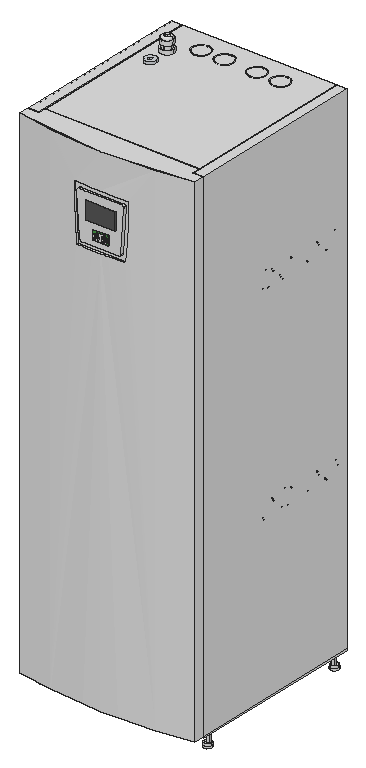
Revit family "HVAC_HeatPumpBW_Enertech_CTC-EcoPart-400_Pro", category Specialty Equipment, Revit 2020
Family settings
  Round Connector Dimension = Use Diameter
  Part Type = Normal
  OmniClass Number = 23.75.00.00
  OmniClass Title = Climate Control (HVAC)
  Work Plane-Based = No
  Always vertical = Yes
  Cut with Voids When Loaded = No
  Shared = No
  Room Calculation Point = No
Parameters (values of type "CTC EcoPart i425 Pro - 230V1N")
  Weight = "339 kg"
  WaterVolumeWaterSuply = "n/a"
  WaterVolumeHeathingSystem = "n/a"
  WarrantyStartDate [instance] = "n/a"
  WarrantyGuarantorParts = "n/a"
  WarrantyGuarantorLabor = "n/a"
  WarrantyDurationUnit = "Year"
  WarrantyDurationParts = "n/a"
  WarrantyDurationLabor = "n/a"
  WarrantyDescription = "n/a"
  VersionDate = "14/05/2024"  # constant formula
  Version = "1"  # constant formula
  UsageCurrent = 0 A
  Uniclass2015Reference = "Pr_40_70_65"
  Uniclass2015Description = "Preparation catering equipment"
  Uniclass2 = "Pr_40_70_65"
  URL = "https://ctc-heating.com/products/ground-source-heating"
  UNSPSCCode = "40101806"
  Type Comments = ""
  Touchscreen = "yes"
  TagNumber [instance] = "n/a"
  SustainabilityPerformance = "n/a"
  Status = "n/a"
  SpecifiedOutput = "24.44 kW"
  SoundPowerLWA = "50 dB"
  Sound pressureLPA 5m = "n/a"
  Sound pressureLPA 1m = "45 dB"
  Sound pressureLPA 10m = "n/a"
  Size = "673x596x1760 mm"
  Shape = "Rectangular"
  SerialNumber [instance] = "7310 xxxx xxxx"
  SEERWarm = "n/a"
  SEERModerate = "n/a"
  SEERCold = "n/a"
  SCOPWarm = "4.7"
  SCOPModerate = "4.8"
  SCOPCold = "4.8"
  Revision = "5"  # constant formula
  ReplacementCost = "n/a"
  RefrigerantType = "R407C"
  RefrigerantQuantity = "4.6 kg (2.7+1.9)"
  ReferenceAirFlowRate = "n/a"
  Reference = "n/a"
  RatedVoltage = 230 V
  RatedHeatOutputModerate = "26 kW"
  RatedCurrent = 33.5 A
  PumpMainMaterial = Steel - White
  ProductInformation = "CTC EcoPart Pro/Basic is a series of large geothermal heat pumps without hotwater preparation. Using separate cooling modules, CTC EcoPart Pro/Basic is able to increase output in three stages. This provides gentler operation and better adaptation to the building's various output requirements. \nCTC EcoPart Pro/Basic is available in three sizes: 25, 30 and 35 kW which can be connected in series to produce up to 170 kW (1 x CTC EcoPart Pro + 4 x CTC EcoPart Basic). "
  PowerFactor = 0 W
  PhaseReference = "n/a"
  PhaseAngle = 0.00°
  OutputRangeIimmersionHeater = "n/a"
  OutputRange = "n/a"
  NumberOfPoles = 1
  NominalWidth = 596 mm
  NominalVoltage = 230 V
  NominalHeight = 1760 mm
  NominalHeatingOutput = "26/24"
  NominalFrequencyRange = 50 Hz
  NominalDepth = 673 mm
  NominalCurrent = 0 A
  Name = "CTC-EcoPart-400_Pro"  # constant formula
  NBSReference = "90-40-40/320"
  NBSDescription = "Air to water heat pumps"
  ModelReference = "n/a"
  ModelNumber = "587001001"
  MaxStartingCurrent = "60.0 A (30.0 + 30.0)"
  MaxOperatingPressureThermalStore = "3 bar"
  MaxOperatingPressureHotWater = "n/a"
  MaxAirFlowRate = "n/a"
  Material = "Steel/copper"
  ManufacturerURL = "https://ctc.se/"
  ManufacturerName = "CTC"
  Model = "CTC EcoPart i425 Pro"
  ManufacturerCountry = "Sweden"
  Manufacturer = "CTC"
  InsulationStandardClass = "n/a"
  InstallationDate [instance] = "n/a"
  InPutPower = "5.36 kW"
  IfcExportType = "HEATER"  # constant formula
  IfcExportAs = "IfcElectricalDeviceCommon"  # constant formula
  IP_Code = "IP X1"
  HotTapWaterPerformance = "n/a"
  HasProtectiveEarth = yes
  GroupFuse = "35 A"
  Grade = "n/a"
  Finish = "n/a"
  Features = "n/a"
  ExpectedLife = "n/a"
  EnergyEfficiencyClassForHeatingSystem = "A++/A++"
  EnergyEfficiencyClass = "A+++/A++"
  EnergyClass_HotWater_TapProfile = "n/a"
  EnergyClassHeatingWithoutControl = "A++"
  EnergyClassHeatingWithControl = "A+++"
  EANNumber = "7333077000639"
  DurationUnit = "Year"
  Description = "CTC EcoPart Pro/Basic is a series of large geothermal heat pumps without hotwater preparation. Using separate cooling modules, CTC EcoPart Pro/Basic is able to increase output in three stages. This provides gentler operation and better adaptation to the building's various output requirements. \nCTC EcoPart Pro/Basic is available in three sizes: 25, 30 and 35 kW which can be connected in series to produce up to 170 kW (1 x CTC EcoPart Pro + 4 x CTC EcoPart Basic). "
  Default Elevation = 0 mm
  Cost = 0
  CoolingModule_Bottom_Top = "414/410"
  Constituents = "n/a"
  ConductorFunction = "n/a"
  Color = "white"
  CodePerformance = "n/a"
  Capacity = "Fixed"
  COPTop = "4.60/3.68/2.98"
  COPBottom = "4.54/3.64/2.95"
  COP = "4.56"
  CO2Equivalent = "8.160 tonnes"
  BrineSystem_Min_MaxPressure = "0.2 - 3.0 bar"
  Barcode [instance] = "n/a"
  AssetIdentifier [instance] = "n/a"
  Category = "Heat pumps, Geothermal"
  Brand = "CTC"
  BIMObjectName = "HVAC_HeatPumpBW_Enertech_CTC-EcoPart-400_Pro"  # constant formula
  Author = "BIMStone"  # constant formula
  AssetType = "Fixed"
  AirFlow = "n/a"
  Accessories = ""
  AccessibilityPerformance = "n/a"
Reference planes
  plane 1 "Center (Front/Back)": y = 0
  plane 2: z = 0
  plane 3 "Center (Left/Right)": x = 0
  plane 4: x = -298
  plane 5: x = 298
  plane 6: y = 336.5
  plane 7: y = -336.5
  plane 8: z = 1760
Forms (mm)
  Extrusion 1, solid, material "Steel - White" <- "PumpMainMaterial", detail levels medium+fine
    sketch origin (0, 0, 0) x (1, 0, 0) y (0, 1, 0)
      loop
        line (-263, -247.014) -> (263, -247.014) -> (263, 336.5) -> (-263, 336.5) -> (-263, -247.014)
      loop
        line (261, 334.5) -> (-261, 334.5) -> (-261, -245.014) -> (261, -245.014) -> (261, 334.5)
    from 1757 to 52.5
  Extrusion 2, solid, material "Steel - White" <- "PumpMainMaterial", detail levels medium+fine
    sketch origin (0, 0, 0) x (1, 0, 0) y (0, 1, 0)
      loop
        line (-263, 336.5) -> (-263, -247.014) -> (263, -247.014) -> (263, 336.5) -> (-263, 336.5)
    from 1760 to 1757
  Extrusion 3, solid, material "Steel - White" <- "PumpMainMaterial", detail levels medium+fine
    sketch origin (0, 0, 0) x (1, 0, 0) y (0, 1, 0)
      loop
        line (-298, -273.014) -> (-263, -273.014) -> (-263, 336.5) -> (-298, 336.5) -> (-298, -273.014)
      loop
        line (-265, 334.5) -> (-296, 334.5) -> (-296, -271.014) -> (-265, -271.014) -> (-265, 334.5)
      loop
        line (298, -273.014) -> (298, 336.5) -> (263, 336.5) -> (263, -273.014) -> (298, -273.014)
      loop
        line (265, 334.5) -> (265, -271.014) -> (296, -271.014) -> (296, 334.5) -> (265, 334.5)
    from 52.5 to 1757
  Extrusion 4, solid, material "Steel - White" <- "PumpMainMaterial", detail levels medium+fine
    sketch origin (0, 0, 0) x (1, 0, 0) y (0, 1, 0)
      loop
        line (-298, -273.014) -> (-263, -273.014) -> (-263, 336.5) -> (-298, 336.5) -> (-298, -273.014)
      loop
        line (298, -273.014) -> (298, 336.5) -> (263, 336.5) -> (263, -273.014) -> (298, -273.014)
    from 1757 to 1760
  Extrusion 5, solid, material "Steel - White" <- "PumpMainMaterial", detail levels medium+fine
    sketch origin (0, 0, 0) x (1, 0, 0) y (0, 0, 1)
      loop
        line (-298, 52.518) -> (-298, 47.518) -> (-263, 47.518) -> (-263, 28) -> (263, 28) -> (263, 47.518) -> (298, 47.518) -> (298, 52.518) -> (-298, 52.518)
    from -336 to 272.514
  Extrusion 6, void
    sketch origin (0, 0, 0) x (1, 0, 0) y (0, 1, 0)
      loop
        arc (-135.992, 288.017) -> (-156.547, 279.105) -> (-165.459, 258.55) r 30.484
        line (-165.459, 258.55) -> (-163.458, 258.55)
        arc (-163.458, 258.55) -> (-155.133, 277.691) -> (-135.992, 286.016) r 28.484
        line (-135.992, 286.016) -> (-135.992, 288.017)
      loop
        line (-133.992, 288.017) -> (-133.992, 286.016)
        arc (-133.992, 286.016) -> (-114.851, 277.691) -> (-106.526, 258.55) r 28.484
        line (-106.526, 258.55) -> (-104.525, 258.55)
        arc (-104.525, 258.55) -> (-113.437, 279.105) -> (-133.992, 288.017) r 30.484
      loop
        arc (-165.459, 256.55) -> (-156.547, 235.995) -> (-135.992, 227.083) r 30.484
        line (-135.992, 227.083) -> (-135.992, 229.084)
        arc (-135.992, 229.084) -> (-155.133, 237.409) -> (-163.458, 256.55) r 28.484
        line (-163.458, 256.55) -> (-165.459, 256.55)
      loop
        line (-133.992, 229.084) -> (-133.992, 227.083)
        arc (-133.992, 227.083) -> (-113.437, 235.995) -> (-104.525, 256.55) r 30.484
        line (-104.525, 256.55) -> (-106.526, 256.55)
        arc (-106.526, 256.55) -> (-114.851, 237.409) -> (-133.992, 229.084) r 28.484
      loop
        arc (-55.992, 288.017) -> (-76.547, 279.105) -> (-85.459, 258.55) r 30.484
        line (-85.459, 258.55) -> (-83.458, 258.55)
        arc (-83.458, 258.55) -> (-75.133, 277.691) -> (-55.992, 286.016) r 28.484
        line (-55.992, 286.016) -> (-55.992, 288.017)
      loop
        line (-53.992, 288.017) -> (-53.992, 286.016)
        arc (-53.992, 286.016) -> (-34.851, 277.691) -> (-26.526, 258.55) r 28.484
        line (-26.526, 258.55) -> (-24.525, 258.55)
        arc (-24.525, 258.55) -> (-33.437, 279.105) -> (-53.992, 288.017) r 30.484
      loop
        arc (-85.459, 256.55) -> (-76.547, 235.995) -> (-55.992, 227.083) r 30.484
        line (-55.992, 227.083) -> (-55.992, 229.084)
        arc (-55.992, 229.084) -> (-75.133, 237.409) -> (-83.458, 256.55) r 28.484
        line (-83.458, 256.55) -> (-85.459, 256.55)
      loop
        line (-53.992, 229.084) -> (-53.992, 227.083)
        arc (-53.992, 227.083) -> (-33.437, 235.995) -> (-24.525, 256.55) r 30.484
        line (-24.525, 256.55) -> (-26.526, 256.55)
        arc (-26.526, 256.55) -> (-34.851, 237.409) -> (-53.992, 229.084) r 28.484
      loop
        line (135.992, 288.017) -> (135.992, 286.016)
        arc (135.992, 286.016) -> (155.133, 277.691) -> (163.458, 258.55) r 28.484
        line (163.458, 258.55) -> (165.459, 258.55)
        arc (165.459, 258.55) -> (156.547, 279.105) -> (135.992, 288.017) r 30.484
      loop
        arc (133.992, 288.017) -> (113.437, 279.105) -> (104.525, 258.55) r 30.484
        line (104.525, 258.55) -> (106.526, 258.55)
        arc (106.526, 258.55) -> (114.851, 277.691) -> (133.992, 286.016) r 28.484
        line (133.992, 286.016) -> (133.992, 288.017)
      loop
        line (165.459, 256.55) -> (163.458, 256.55)
        arc (163.458, 256.55) -> (155.133, 237.409) -> (135.992, 229.084) r 28.484
        line (135.992, 229.084) -> (135.992, 227.083)
        arc (135.992, 227.083) -> (156.547, 235.995) -> (165.459, 256.55) r 30.484
      loop
        arc (133.992, 229.084) -> (114.851, 237.409) -> (106.526, 256.55) r 28.484
        line (106.526, 256.55) -> (104.525, 256.55)
        arc (104.525, 256.55) -> (113.437, 235.995) -> (133.992, 227.083) r 30.484
        line (133.992, 227.083) -> (133.992, 229.084)
      loop
        line (55.992, 288.017) -> (55.992, 286.016)
        arc (55.992, 286.016) -> (75.133, 277.691) -> (83.458, 258.55) r 28.484
        line (83.458, 258.55) -> (85.459, 258.55)
        arc (85.459, 258.55) -> (76.547, 279.105) -> (55.992, 288.017) r 30.484
      loop
        arc (53.992, 288.017) -> (33.437, 279.105) -> (24.525, 258.55) r 30.484
        line (24.525, 258.55) -> (26.526, 258.55)
        arc (26.526, 258.55) -> (34.851, 277.691) -> (53.992, 286.016) r 28.484
        line (53.992, 286.016) -> (53.992, 288.017)
      loop
        line (85.459, 256.55) -> (83.458, 256.55)
        arc (83.458, 256.55) -> (75.133, 237.409) -> (55.992, 229.084) r 28.484
        line (55.992, 229.084) -> (55.992, 227.083)
        arc (55.992, 227.083) -> (76.547, 235.995) -> (85.459, 256.55) r 30.484
      loop
        arc (53.992, 229.084) -> (34.851, 237.409) -> (26.526, 256.55) r 28.484
        line (26.526, 256.55) -> (24.525, 256.55)
        arc (24.525, 256.55) -> (33.437, 235.995) -> (53.992, 227.083) r 30.484
        line (53.992, 227.083) -> (53.992, 229.084)
    from 1692.47 to 1786.05
  Extrusion 7, void
    sketch origin (0, 0, 0) x (0, 1, 0) y (0, 0, 1)
      loop
        line (266.984, 1360.467) -> (266.984, 1358.466)
        arc (266.984, 1358.466) -> (286.125, 1350.141) -> (294.45, 1331) r 28.484
        line (294.45, 1331) -> (296.451, 1331)
        arc (296.451, 1331) -> (287.539, 1351.555) -> (266.984, 1360.467) r 30.484
      loop
        arc (264.984, 1360.467) -> (244.428, 1351.555) -> (235.516, 1331) r 30.484
        line (235.516, 1331) -> (237.518, 1331)
        arc (237.518, 1331) -> (245.843, 1350.141) -> (264.984, 1358.466) r 28.484
        line (264.984, 1358.466) -> (264.984, 1360.467)
      loop
        line (296.451, 1329) -> (294.45, 1329)
        arc (294.45, 1329) -> (286.125, 1309.859) -> (266.984, 1301.534) r 28.484
        line (266.984, 1301.534) -> (266.984, 1299.533)
        arc (266.984, 1299.533) -> (287.539, 1308.445) -> (296.451, 1329) r 30.484
      loop
        arc (264.984, 1301.534) -> (245.843, 1309.859) -> (237.518, 1329) r 28.484
        line (237.518, 1329) -> (235.516, 1329)
        arc (235.516, 1329) -> (244.428, 1308.445) -> (264.984, 1299.533) r 30.484
        line (264.984, 1299.533) -> (264.984, 1301.534)
      loop
        line (186.984, 1360.467) -> (186.984, 1358.466)
        arc (186.984, 1358.466) -> (206.125, 1350.141) -> (214.45, 1331) r 28.484
        line (214.45, 1331) -> (216.451, 1331)
        arc (216.451, 1331) -> (207.539, 1351.555) -> (186.984, 1360.467) r 30.484
      loop
        arc (184.984, 1360.467) -> (164.428, 1351.555) -> (155.516, 1331) r 30.484
        line (155.516, 1331) -> (157.518, 1331)
        arc (157.518, 1331) -> (165.843, 1350.141) -> (184.984, 1358.466) r 28.484
        line (184.984, 1358.466) -> (184.984, 1360.467)
      loop
        line (216.451, 1329) -> (214.45, 1329)
        arc (214.45, 1329) -> (206.125, 1309.859) -> (186.984, 1301.534) r 28.484
        line (186.984, 1301.534) -> (186.984, 1299.533)
        arc (186.984, 1299.533) -> (207.539, 1308.445) -> (216.451, 1329) r 30.484
      loop
        arc (184.984, 1301.534) -> (165.843, 1309.859) -> (157.518, 1329) r 28.484
        line (157.518, 1329) -> (155.516, 1329)
        arc (155.516, 1329) -> (164.428, 1308.445) -> (184.984, 1299.533) r 30.484
        line (184.984, 1299.533) -> (184.984, 1301.534)
      loop
        arc (-5, 1360.467) -> (-25.555, 1351.555) -> (-34.467, 1331) r 30.484
        line (-34.467, 1331) -> (-32.466, 1331)
        arc (-32.466, 1331) -> (-24.141, 1350.141) -> (-5, 1358.466) r 28.484
        line (-5, 1358.466) -> (-5, 1360.467)
      loop
        line (-3, 1360.467) -> (-3, 1358.466)
        arc (-3, 1358.466) -> (16.141, 1350.141) -> (24.466, 1331) r 28.484
        line (24.466, 1331) -> (26.467, 1331)
        arc (26.467, 1331) -> (17.555, 1351.555) -> (-3, 1360.467) r 30.484
      loop
        arc (-34.467, 1329) -> (-25.555, 1308.445) -> (-5, 1299.533) r 30.484
        line (-5, 1299.533) -> (-5, 1301.534)
        arc (-5, 1301.534) -> (-24.141, 1309.859) -> (-32.466, 1329) r 28.484
        line (-32.466, 1329) -> (-34.467, 1329)
      loop
        line (-3, 1301.534) -> (-3, 1299.533)
        arc (-3, 1299.533) -> (17.555, 1308.445) -> (26.467, 1329) r 30.484
        line (26.467, 1329) -> (24.466, 1329)
        arc (24.466, 1329) -> (16.141, 1309.859) -> (-3, 1301.534) r 28.484
      loop
        arc (75, 1360.467) -> (54.445, 1351.555) -> (45.533, 1331) r 30.484
        line (45.533, 1331) -> (47.534, 1331)
        arc (47.534, 1331) -> (55.859, 1350.141) -> (75, 1358.466) r 28.484
        line (75, 1358.466) -> (75, 1360.467)
      loop
        line (77, 1360.467) -> (77, 1358.466)
        arc (77, 1358.466) -> (96.141, 1350.141) -> (104.466, 1331) r 28.484
        line (104.466, 1331) -> (106.467, 1331)
        arc (106.467, 1331) -> (97.555, 1351.555) -> (77, 1360.467) r 30.484
      loop
        arc (45.533, 1329) -> (54.445, 1308.445) -> (75, 1299.533) r 30.484
        line (75, 1299.533) -> (75, 1301.534)
        arc (75, 1301.534) -> (55.859, 1309.859) -> (47.534, 1329) r 28.484
        line (47.534, 1329) -> (45.533, 1329)
      loop
        line (77, 1301.534) -> (77, 1299.533)
        arc (77, 1299.533) -> (97.555, 1308.445) -> (106.467, 1329) r 30.484
        line (106.467, 1329) -> (104.466, 1329)
        arc (104.466, 1329) -> (96.141, 1309.859) -> (77, 1301.534) r 28.484
      loop
        line (266.984, 660.467) -> (266.984, 658.466)
        arc (266.984, 658.466) -> (286.125, 650.141) -> (294.45, 631) r 28.484
        line (294.45, 631) -> (296.451, 631)
        arc (296.451, 631) -> (287.539, 651.555) -> (266.984, 660.467) r 30.484
      loop
        arc (264.984, 660.467) -> (244.428, 651.555) -> (235.516, 631) r 30.484
        line (235.516, 631) -> (237.518, 631)
        arc (237.518, 631) -> (245.843, 650.141) -> (264.984, 658.466) r 28.484
        line (264.984, 658.466) -> (264.984, 660.467)
      loop
        line (296.451, 629) -> (294.45, 629)
        arc (294.45, 629) -> (286.125, 609.859) -> (266.984, 601.534) r 28.484
        line (266.984, 601.534) -> (266.984, 599.533)
        arc (266.984, 599.533) -> (287.539, 608.445) -> (296.451, 629) r 30.484
      loop
        arc (264.984, 601.534) -> (245.843, 609.859) -> (237.518, 629) r 28.484
        line (237.518, 629) -> (235.516, 629)
        arc (235.516, 629) -> (244.428, 608.445) -> (264.984, 599.533) r 30.484
        line (264.984, 599.533) -> (264.984, 601.534)
      loop
        line (186.984, 660.467) -> (186.984, 658.466)
        arc (186.984, 658.466) -> (206.125, 650.141) -> (214.45, 631) r 28.484
        line (214.45, 631) -> (216.451, 631)
        arc (216.451, 631) -> (207.539, 651.555) -> (186.984, 660.467) r 30.484
      loop
        arc (184.984, 660.467) -> (164.428, 651.555) -> (155.516, 631) r 30.484
        line (155.516, 631) -> (157.518, 631)
        arc (157.518, 631) -> (165.843, 650.141) -> (184.984, 658.466) r 28.484
        line (184.984, 658.466) -> (184.984, 660.467)
      loop
        line (216.451, 629) -> (214.45, 629)
        arc (214.45, 629) -> (206.125, 609.859) -> (186.984, 601.534) r 28.484
        line (186.984, 601.534) -> (186.984, 599.533)
        arc (186.984, 599.533) -> (207.539, 608.445) -> (216.451, 629) r 30.484
      loop
        arc (184.984, 601.534) -> (165.843, 609.859) -> (157.518, 629) r 28.484
        line (157.518, 629) -> (155.516, 629)
        arc (155.516, 629) -> (164.428, 608.445) -> (184.984, 599.533) r 30.484
        line (184.984, 599.533) -> (184.984, 601.534)
      loop
        arc (-5, 660.467) -> (-25.555, 651.555) -> (-34.467, 631) r 30.484
        line (-34.467, 631) -> (-32.466, 631)
        arc (-32.466, 631) -> (-24.141, 650.141) -> (-5, 658.466) r 28.484
        line (-5, 658.466) -> (-5, 660.467)
      loop
        line (-3, 660.467) -> (-3, 658.466)
        arc (-3, 658.466) -> (16.141, 650.141) -> (24.466, 631) r 28.484
        line (24.466, 631) -> (26.467, 631)
        arc (26.467, 631) -> (17.555, 651.555) -> (-3, 660.467) r 30.484
      loop
        arc (-34.467, 629) -> (-25.555, 608.445) -> (-5, 599.533) r 30.484
        line (-5, 599.533) -> (-5, 601.534)
        arc (-5, 601.534) -> (-24.141, 609.859) -> (-32.466, 629) r 28.484
        line (-32.466, 629) -> (-34.467, 629)
      loop
        line (-3, 601.534) -> (-3, 599.533)
        arc (-3, 599.533) -> (17.555, 608.445) -> (26.467, 629) r 30.484
        line (26.467, 629) -> (24.466, 629)
        arc (24.466, 629) -> (16.141, 609.859) -> (-3, 601.534) r 28.484
      loop
        arc (75, 660.467) -> (54.445, 651.555) -> (45.533, 631) r 30.484
        line (45.533, 631) -> (47.534, 631)
        arc (47.534, 631) -> (55.859, 650.141) -> (75, 658.466) r 28.484
        line (75, 658.466) -> (75, 660.467)
      loop
        line (77, 660.467) -> (77, 658.466)
        arc (77, 658.466) -> (96.141, 650.141) -> (104.466, 631) r 28.484
        line (104.466, 631) -> (106.467, 631)
        arc (106.467, 631) -> (97.555, 651.555) -> (77, 660.467) r 30.484
      loop
        arc (45.533, 629) -> (54.445, 608.445) -> (75, 599.533) r 30.484
        line (75, 599.533) -> (75, 601.534)
        arc (75, 601.534) -> (55.859, 609.859) -> (47.534, 629) r 28.484
        line (47.534, 629) -> (45.533, 629)
      loop
        line (77, 601.534) -> (77, 599.533)
        arc (77, 599.533) -> (97.555, 608.445) -> (106.467, 629) r 30.484
        line (106.467, 629) -> (104.466, 629)
        arc (104.466, 629) -> (96.141, 609.859) -> (77, 601.534) r 28.484
    from 298 to -298
  Extrusion 8, void
    sketch origin (0, 0, 0) x (1, 0, 0) y (0, 0, 1)
      loop
        line (135.984, 1360.467) -> (135.984, 1358.466)
        arc (135.984, 1358.466) -> (155.125, 1350.141) -> (163.45, 1331) r 28.484
        line (163.45, 1331) -> (165.451, 1331)
        arc (165.451, 1331) -> (156.539, 1351.555) -> (135.984, 1360.467) r 30.484
      loop
        arc (133.984, 1360.467) -> (113.428, 1351.555) -> (104.516, 1331) r 30.484
        line (104.516, 1331) -> (106.518, 1331)
        arc (106.518, 1331) -> (114.843, 1350.141) -> (133.984, 1358.466) r 28.484
        line (133.984, 1358.466) -> (133.984, 1360.467)
      loop
        line (165.451, 1329) -> (163.45, 1329)
        arc (163.45, 1329) -> (155.125, 1309.859) -> (135.984, 1301.534) r 28.484
        line (135.984, 1301.534) -> (135.984, 1299.533)
        arc (135.984, 1299.533) -> (156.539, 1308.445) -> (165.451, 1329) r 30.484
      loop
        arc (133.984, 1301.534) -> (114.843, 1309.859) -> (106.518, 1329) r 28.484
        line (106.518, 1329) -> (104.516, 1329)
        arc (104.516, 1329) -> (113.428, 1308.445) -> (133.984, 1299.533) r 30.484
        line (133.984, 1299.533) -> (133.984, 1301.534)
      loop
        line (55.984, 1360.467) -> (55.984, 1358.466)
        arc (55.984, 1358.466) -> (75.125, 1350.141) -> (83.45, 1331) r 28.484
        line (83.45, 1331) -> (85.451, 1331)
        arc (85.451, 1331) -> (76.539, 1351.555) -> (55.984, 1360.467) r 30.484
      loop
        arc (53.984, 1360.467) -> (33.428, 1351.555) -> (24.516, 1331) r 30.484
        line (24.516, 1331) -> (26.518, 1331)
        arc (26.518, 1331) -> (34.843, 1350.141) -> (53.984, 1358.466) r 28.484
        line (53.984, 1358.466) -> (53.984, 1360.467)
      loop
        line (85.451, 1329) -> (83.45, 1329)
        arc (83.45, 1329) -> (75.125, 1309.859) -> (55.984, 1301.534) r 28.484
        line (55.984, 1301.534) -> (55.984, 1299.533)
        arc (55.984, 1299.533) -> (76.539, 1308.445) -> (85.451, 1329) r 30.484
      loop
        arc (53.984, 1301.534) -> (34.843, 1309.859) -> (26.518, 1329) r 28.484
        line (26.518, 1329) -> (24.516, 1329)
        arc (24.516, 1329) -> (33.428, 1308.445) -> (53.984, 1299.533) r 30.484
        line (53.984, 1299.533) -> (53.984, 1301.534)
      loop
        arc (-136, 1360.467) -> (-156.555, 1351.555) -> (-165.467, 1331) r 30.484
        line (-165.467, 1331) -> (-163.466, 1331)
        arc (-163.466, 1331) -> (-155.141, 1350.141) -> (-136, 1358.466) r 28.484
        line (-136, 1358.466) -> (-136, 1360.467)
      loop
        line (-134, 1360.467) -> (-134, 1358.466)
        arc (-134, 1358.466) -> (-114.859, 1350.141) -> (-106.534, 1331) r 28.484
        line (-106.534, 1331) -> (-104.533, 1331)
        arc (-104.533, 1331) -> (-113.445, 1351.555) -> (-134, 1360.467) r 30.484
      loop
        arc (-165.467, 1329) -> (-156.555, 1308.445) -> (-136, 1299.533) r 30.484
        line (-136, 1299.533) -> (-136, 1301.534)
        arc (-136, 1301.534) -> (-155.141, 1309.859) -> (-163.466, 1329) r 28.484
        line (-163.466, 1329) -> (-165.467, 1329)
      loop
        line (-134, 1301.534) -> (-134, 1299.533)
        arc (-134, 1299.533) -> (-113.445, 1308.445) -> (-104.533, 1329) r 30.484
        line (-104.533, 1329) -> (-106.534, 1329)
        arc (-106.534, 1329) -> (-114.859, 1309.859) -> (-134, 1301.534) r 28.484
      loop
        arc (-56, 1360.467) -> (-76.555, 1351.555) -> (-85.467, 1331) r 30.484
        line (-85.467, 1331) -> (-83.466, 1331)
        arc (-83.466, 1331) -> (-75.141, 1350.141) -> (-56, 1358.466) r 28.484
        line (-56, 1358.466) -> (-56, 1360.467)
      loop
        line (-54, 1360.467) -> (-54, 1358.466)
        arc (-54, 1358.466) -> (-34.859, 1350.141) -> (-26.534, 1331) r 28.484
        line (-26.534, 1331) -> (-24.533, 1331)
        arc (-24.533, 1331) -> (-33.445, 1351.555) -> (-54, 1360.467) r 30.484
      loop
        arc (-85.467, 1329) -> (-76.555, 1308.445) -> (-56, 1299.533) r 30.484
        line (-56, 1299.533) -> (-56, 1301.534)
        arc (-56, 1301.534) -> (-75.141, 1309.859) -> (-83.466, 1329) r 28.484
        line (-83.466, 1329) -> (-85.467, 1329)
      loop
        line (-54, 1301.534) -> (-54, 1299.533)
        arc (-54, 1299.533) -> (-33.445, 1308.445) -> (-24.533, 1329) r 30.484
        line (-24.533, 1329) -> (-26.534, 1329)
        arc (-26.534, 1329) -> (-34.859, 1309.859) -> (-54, 1301.534) r 28.484
      loop
        line (135.984, 660.467) -> (135.984, 658.466)
        arc (135.984, 658.466) -> (155.125, 650.141) -> (163.45, 631) r 28.484
        line (163.45, 631) -> (165.451, 631)
        arc (165.451, 631) -> (156.539, 651.555) -> (135.984, 660.467) r 30.484
      loop
        arc (133.984, 660.467) -> (113.428, 651.555) -> (104.516, 631) r 30.484
        line (104.516, 631) -> (106.518, 631)
        arc (106.518, 631) -> (114.843, 650.141) -> (133.984, 658.466) r 28.484
        line (133.984, 658.466) -> (133.984, 660.467)
      loop
        line (165.451, 629) -> (163.45, 629)
        arc (163.45, 629) -> (155.125, 609.859) -> (135.984, 601.534) r 28.484
        line (135.984, 601.534) -> (135.984, 599.533)
        arc (135.984, 599.533) -> (156.539, 608.445) -> (165.451, 629) r 30.484
      loop
        arc (133.984, 601.534) -> (114.843, 609.859) -> (106.518, 629) r 28.484
        line (106.518, 629) -> (104.516, 629)
        arc (104.516, 629) -> (113.428, 608.445) -> (133.984, 599.533) r 30.484
        line (133.984, 599.533) -> (133.984, 601.534)
      loop
        line (55.984, 660.467) -> (55.984, 658.466)
        arc (55.984, 658.466) -> (75.125, 650.141) -> (83.45, 631) r 28.484
        line (83.45, 631) -> (85.451, 631)
        arc (85.451, 631) -> (76.539, 651.555) -> (55.984, 660.467) r 30.484
      loop
        arc (53.984, 660.467) -> (33.428, 651.555) -> (24.516, 631) r 30.484
        line (24.516, 631) -> (26.518, 631)
        arc (26.518, 631) -> (34.843, 650.141) -> (53.984, 658.466) r 28.484
        line (53.984, 658.466) -> (53.984, 660.467)
      loop
        line (85.451, 629) -> (83.45, 629)
        arc (83.45, 629) -> (75.125, 609.859) -> (55.984, 601.534) r 28.484
        line (55.984, 601.534) -> (55.984, 599.533)
        arc (55.984, 599.533) -> (76.539, 608.445) -> (85.451, 629) r 30.484
      loop
        arc (53.984, 601.534) -> (34.843, 609.859) -> (26.518, 629) r 28.484
        line (26.518, 629) -> (24.516, 629)
        arc (24.516, 629) -> (33.428, 608.445) -> (53.984, 599.533) r 30.484
        line (53.984, 599.533) -> (53.984, 601.534)
      loop
        arc (-136, 660.467) -> (-156.555, 651.555) -> (-165.467, 631) r 30.484
        line (-165.467, 631) -> (-163.466, 631)
        arc (-163.466, 631) -> (-155.141, 650.141) -> (-136, 658.466) r 28.484
        line (-136, 658.466) -> (-136, 660.467)
      loop
        line (-134, 660.467) -> (-134, 658.466)
        arc (-134, 658.466) -> (-114.859, 650.141) -> (-106.534, 631) r 28.484
        line (-106.534, 631) -> (-104.533, 631)
        arc (-104.533, 631) -> (-113.445, 651.555) -> (-134, 660.467) r 30.484
      loop
        arc (-165.467, 629) -> (-156.555, 608.445) -> (-136, 599.533) r 30.484
        line (-136, 599.533) -> (-136, 601.534)
        arc (-136, 601.534) -> (-155.141, 609.859) -> (-163.466, 629) r 28.484
        line (-163.466, 629) -> (-165.467, 629)
      loop
        line (-134, 601.534) -> (-134, 599.533)
        arc (-134, 599.533) -> (-113.445, 608.445) -> (-104.533, 629) r 30.484
        line (-104.533, 629) -> (-106.534, 629)
        arc (-106.534, 629) -> (-114.859, 609.859) -> (-134, 601.534) r 28.484
      loop
        arc (-56, 660.467) -> (-76.555, 651.555) -> (-85.467, 631) r 30.484
        line (-85.467, 631) -> (-83.466, 631)
        arc (-83.466, 631) -> (-75.141, 650.141) -> (-56, 658.466) r 28.484
        line (-56, 658.466) -> (-56, 660.467)
      loop
        line (-54, 660.467) -> (-54, 658.466)
        arc (-54, 658.466) -> (-34.859, 650.141) -> (-26.534, 631) r 28.484
        line (-26.534, 631) -> (-24.533, 631)
        arc (-24.533, 631) -> (-33.445, 651.555) -> (-54, 660.467) r 30.484
      loop
        arc (-85.467, 629) -> (-76.555, 608.445) -> (-56, 599.533) r 30.484
        line (-56, 599.533) -> (-56, 601.534)
        arc (-56, 601.534) -> (-75.141, 609.859) -> (-83.466, 629) r 28.484
        line (-83.466, 629) -> (-85.467, 629)
      loop
        line (-54, 601.534) -> (-54, 599.533)
        arc (-54, 599.533) -> (-33.445, 608.445) -> (-24.533, 629) r 30.484
        line (-24.533, 629) -> (-26.534, 629)
        arc (-26.534, 629) -> (-34.859, 609.859) -> (-54, 601.534) r 28.484
    from -303.059 to -367.702
  Extrusion 9, solid, detail levels medium+fine
    sketch origin (0, 0, 0) x (1, 0, 0) y (0, 0, 1)
      loop
        circle (224.507, 1674.571) r 14
      loop
        circle (224.507, 1674.571) r 12.4
      loop
        circle (224.507, 1624.571) r 14
      loop
        circle (224.507, 1624.571) r 12.4
      loop
        circle (224.507, 1574.571) r 14
      loop
        circle (224.507, 1574.571) r 12.4
      loop
        circle (-224.507, 1674.571) r 14
      loop
        circle (-224.507, 1674.571) r 12.4
      loop
        circle (-224.507, 1624.571) r 14
      loop
        circle (-224.507, 1624.571) r 12.4
      loop
        circle (-224.507, 1574.571) r 14
      loop
        circle (-224.507, 1574.571) r 12.4
    from -341 to -340
  Extrusion 10, solid, material "Steel - White" <- "PumpMainMaterial", detail levels medium+fine
    sketch origin (0, 0, 0) x (0, 1, 0) y (0, 0, 1)
      loop
        line (-117.429, 26) -> (-99.086, 26)
        arc (-99.086, 26) -> (-98.32, 25.848) -> (-97.671, 25.414) r 2
        line (-97.671, 25.414) -> (-89.085, 16.828)
        arc (-89.085, 16.828) -> (-86.256, 15.656) -> (-83.428, 16.828) r 4
        line (-83.428, 16.828) -> (-75.261, 24.995) -> (-76.675, 26.409) -> (-84.842, 18.242)
        arc (-84.842, 18.242) -> (-86.256, 17.656) -> (-87.671, 18.242) r 2
        line (-87.671, 18.242) -> (-96.257, 26.828)
        arc (-96.257, 26.828) -> (-97.555, 27.696) -> (-99.086, 28) r 4
        line (-99.086, 28) -> (-117.429, 28)
        arc (-117.429, 28) -> (-118.96, 27.696) -> (-120.257, 26.828) r 4
        line (-120.257, 26.828) -> (-128.844, 18.242)
        arc (-128.844, 18.242) -> (-130.258, 17.656) -> (-131.672, 18.242) r 2
        line (-131.672, 18.242) -> (-139.839, 26.409) -> (-141.253, 24.995) -> (-133.086, 16.828)
        arc (-133.086, 16.828) -> (-130.258, 15.656) -> (-127.429, 16.828) r 4
        line (-127.429, 16.828) -> (-118.843, 25.414)
        arc (-118.843, 25.414) -> (-118.194, 25.848) -> (-117.429, 26) r 2
      loop
        arc (180.914, 26) -> (181.68, 25.848) -> (182.329, 25.414) r 2
        line (182.329, 25.414) -> (190.915, 16.828)
        arc (190.915, 16.828) -> (193.744, 15.656) -> (196.572, 16.828) r 4
        line (196.572, 16.828) -> (204.739, 24.995) -> (203.325, 26.409) -> (195.158, 18.242)
        arc (195.158, 18.242) -> (193.744, 17.656) -> (192.329, 18.242) r 2
        line (192.329, 18.242) -> (183.743, 26.828)
        arc (183.743, 26.828) -> (182.445, 27.696) -> (180.914, 28) r 4
        line (180.914, 28) -> (162.571, 28)
        arc (162.571, 28) -> (161.04, 27.696) -> (159.743, 26.828) r 4
        line (159.743, 26.828) -> (151.156, 18.242)
        arc (151.156, 18.242) -> (149.742, 17.656) -> (148.328, 18.242) r 2
        line (148.328, 18.242) -> (140.161, 26.409) -> (138.747, 24.995) -> (146.914, 16.828)
        arc (146.914, 16.828) -> (149.742, 15.656) -> (152.571, 16.828) r 4
        line (152.571, 16.828) -> (161.157, 25.414)
        arc (161.157, 25.414) -> (161.806, 25.848) -> (162.571, 26) r 2
        line (162.571, 26) -> (180.914, 26)
    from 255.5 to -255.5
  Revolve 11, solid, material "Steel - White" <- "PumpMainMaterial", detail levels medium+fine
    sketch origin (0, 307.895, 0) x (1, 0, 0) y (0, 0, 1)
      loop
        line (-279.5, 12) -> (-279.5, 0) -> (-265.125, 0) -> (-265.125, 4) -> (-267.125, 4) -> (-267.125, 12) -> (-279.5, 12)
      axis (-279.5, 12) -> (-279.5, 0)
    angle from 0 to 360
  Revolve 12, solid, material "Steel - White" <- "PumpMainMaterial", detail levels medium+fine
    sketch origin (0, 307.895, 0) x (-1, 0, 0) y (0, 0, 1)
      loop
        line (-279.5, 12) -> (-279.5, 0) -> (-265.125, 0) -> (-265.125, 4) -> (-267.125, 4) -> (-267.125, 12) -> (-279.5, 12)
      axis (-279.5, 12) -> (-279.5, 0)
    angle from 0 to 360
  Revolve 13, solid, material "Steel - White" <- "PumpMainMaterial", detail levels medium+fine
    sketch origin (0, -232.139, 0) x (1, 0, 0) y (0, 0, 1)
      loop
        line (-279.5, 12) -> (-279.5, 0) -> (-265.125, 0) -> (-265.125, 4) -> (-267.125, 4) -> (-267.125, 12) -> (-279.5, 12)
      axis (-279.5, 12) -> (-279.5, 0)
    angle from 0 to 360
  Revolve 14, solid, material "Steel - White" <- "PumpMainMaterial", detail levels medium+fine
    sketch origin (0, -232.139, 0) x (-1, 0, 0) y (0, 0, 1)
      loop
        line (-279.5, 12) -> (-279.5, 0) -> (-265.125, 0) -> (-265.125, 4) -> (-267.125, 4) -> (-267.125, 12) -> (-279.5, 12)
      axis (-279.5, 12) -> (-279.5, 0)
    angle from 0 to 360
  Extrusion 15, solid, material "Steel - White" <- "PumpMainMaterial", detail levels medium+fine
    sketch origin (0, 0, 0) x (1, 0, 0) y (0, 1, 0)
      loop
        circle (-279.5, 304.395) r 5
      loop
        circle (-279.5, -228.639) r 5
      loop
        circle (279.5, 304.395) r 5
      loop
        circle (279.5, -228.639) r 5
    from 47.518 to 12
  Blend 16, solid, material "Steel - White" <- "PumpMainMaterial", detail levels medium+fine
    base sketch origin (0, 0, 0) x (1, 0, 0) y (0, 1, 0)
      loop
        line (263, -247.014) -> (-263, -247.014) -> (-263, -273.014) -> (-298, -273.014) -> (-298, -309.797)
        arc (-298, -309.797) -> (0, -336.603) -> (298, -309.797) r 1669.83
        line (298, -309.797) -> (298, -273.014) -> (263, -273.014) -> (263, -247.014)
    top sketch origin (0, 0, 0) x (1, 0, 0) y (0, 1, 0)
      loop
        line (263, -247.014) -> (-263, -247.014) -> (-263, -273.014) -> (-298, -273.014) -> (-298, -308.757)
        arc (-298, -308.757) -> (0, -336.558) -> (298, -308.757) r 1610.992
        line (298, -308.757) -> (298, -273.014) -> (263, -273.014) -> (263, -247.014)
    from 52.5 to 1760
  Extrusion 17, void
    sketch origin (0, 0, 0) x (1, 0, 0) y (0, 0, 1)
      loop
        line (93, 1638.587) -> (-93, 1638.587)
        arc (-93, 1638.587) -> (-91.512, 1543.484) -> (-83.299, 1448.723) r 1343.594
        line (-83.299, 1448.723) -> (83.299, 1448.723)
        arc (83.299, 1448.723) -> (91.512, 1543.484) -> (93, 1638.587) r 1343.594
    from 344.861 to 330.394
  Extrusion 18, solid, material "Steel - White" <- "PumpMainMaterial", detail levels medium+fine
    sketch origin (0, 0, 0) x (1, 0, 0) y (0, 0, 1)
      loop
        arc (-71.512, 1623.318) -> (-77.15, 1620.993) -> (-79.512, 1615.37) r 8
        arc (-79.512, 1615.37) -> (-77.259, 1542.94) -> (-69.564, 1470.884) r 962.676
        arc (-69.564, 1470.884) -> (-66.882, 1465.983) -> (-61.647, 1464.032) r 8
        line (-61.647, 1464.032) -> (61.647, 1464.032)
        arc (61.647, 1464.032) -> (66.882, 1465.983) -> (69.564, 1470.884) r 8
        arc (69.564, 1470.884) -> (77.259, 1542.94) -> (79.512, 1615.37) r 962.676
        arc (79.512, 1615.37) -> (77.15, 1620.993) -> (71.512, 1623.318) r 8
        line (71.512, 1623.318) -> (-71.512, 1623.318)
    from 339 to 330.394
  Extrusion 19, solid, material "Green", detail levels medium+fine
    sketch origin (0, 0, -171.843) x (1, 0, 0) y (0, 0, 1)
      loop
        arc (-25.5, 1686.518) -> (-26.914, 1685.932) -> (-27.5, 1684.518) r 2
        line (-27.5, 1684.518) -> (-27.5, 1655.518)
        arc (-27.5, 1655.518) -> (-26.914, 1654.103) -> (-25.5, 1653.518) r 2
        line (-25.5, 1653.518) -> (25.5, 1653.518)
        arc (25.5, 1653.518) -> (26.914, 1654.103) -> (27.5, 1655.518) r 2
        line (27.5, 1655.518) -> (27.5, 1684.518)
        arc (27.5, 1684.518) -> (26.914, 1685.932) -> (25.5, 1686.518) r 2
        line (25.5, 1686.518) -> (-25.5, 1686.518)
    from 339.5 to 339
  Extrusion 20, solid, material "Steel - White" <- "PumpMainMaterial", detail levels medium+fine
    sketch origin (0, 0, -204.843) x (1, 0, 0) y (0, 0, 1)
      loop
        line (3.815, 1710.351) -> (11.698, 1710.357) -> (11.698, 1715.677) -> (-11.698, 1715.677) -> (-11.698, 1710.336) -> (-3.818, 1710.344) -> (-3.81, 1690.398) -> (3.815, 1690.398) -> (3.815, 1710.351)
      loop
        spline (24.54, 1702.497) -> (22.341, 1706.572) -> (18.495, 1709.152) -> (13.888, 1709.644) -> (9.584, 1707.934) -> (6.572, 1704.417) -> (5.548, 1699.902) -> (6.747, 1695.43) -> (9.893, 1692.032) -> (14.261, 1690.49) -> (18.844, 1691.161) -> (22.587, 1693.888) -> (24.627, 1698.045)
        line (24.627, 1698.045) -> (18.433, 1698.045)
        spline (18.433, 1698.045) -> (17.635, 1695.915) -> (16.341, 1694.569) -> (14.815, 1694.279) -> (13.364, 1695.105) -> (12.285, 1696.88) -> (11.795, 1699.242) -> (11.994, 1701.714) -> (12.842, 1703.793) -> (14.166, 1705.058) -> (15.698, 1705.253) -> (17.128, 1704.337) -> (18.165, 1702.497)
        line (18.165, 1702.497) -> (24.54, 1702.497)
      loop
        spline (-5.46, 1702.497) -> (-7.659, 1706.572) -> (-11.505, 1709.152) -> (-16.112, 1709.644) -> (-20.416, 1707.934) -> (-23.428, 1704.417) -> (-24.452, 1699.902) -> (-23.253, 1695.43) -> (-20.107, 1692.032) -> (-15.739, 1690.49) -> (-11.156, 1691.161) -> (-7.413, 1693.888) -> (-5.373, 1698.045)
        line (-5.373, 1698.045) -> (-11.567, 1698.045)
        spline (-11.567, 1698.045) -> (-12.365, 1695.915) -> (-13.659, 1694.569) -> (-15.185, 1694.279) -> (-16.636, 1695.105) -> (-17.715, 1696.88) -> (-18.205, 1699.242) -> (-18.006, 1701.714) -> (-17.158, 1703.793) -> (-15.834, 1705.058) -> (-14.302, 1705.253) -> (-12.872, 1704.337) -> (-11.835, 1702.497)
        line (-11.835, 1702.497) -> (-5.46, 1702.497)
    from 339.5 to 340
  Extrusion 21, solid, material "Black", detail levels medium+fine
    sketch origin (0, 0, 0) x (1, 0, 0) y (0, 0, 1)
      loop
        line (-50.67, 1596.158) -> (-50.67, 1536.092) -> (50.67, 1536.092) -> (50.67, 1596.158) -> (-50.67, 1596.158)
    from 339 to 339.5
  Extrusion 22, solid, detail levels medium+fine
    sketch origin (0, 0, 0) x (1, 0, 0) y (0, 1, 0)
      loop
        circle (-205.108, 130.616) r 19.248
      loop
        circle (-205.108, 130.616) r 7.026
    from 1760 to 1766
  Revolve 23, solid, material "Steel - White" <- "PumpMainMaterial", detail levels medium+fine
    sketch origin (895.25, 200.616, -2.95) x (1, 0, 0) y (0, 0, 1)
      loop
        line (-1078.358, 1762.95) -> (-1078.358, 1773.95) -> (-1084.337, 1773.95) -> (-1084.337, 1788.15) -> (-1080.241, 1788.15) -> (-1080.241, 1801.909) -> (-1082.574, 1803.255)
        arc (-1082.574, 1803.255) -> (-1084.443, 1807.898) -> (-1089.009, 1809.95) r 6.7
        line (-1089.009, 1809.95) -> (-1100.358, 1809.95) -> (-1100.358, 1762.95) -> (-1078.358, 1762.95)
      axis (-1100.358, 1809.95) -> (-1100.358, 1762.95)
    angle from 0 to 360
  Extrusion 24, void
    sketch origin (0, 0, 0) x (1, 0, 0) y (0, 1, 0)
      loop
        circle (-205.108, 197.116) r 5.5
    from 1760 to 1807
  Extrusion 25, solid, material "Steel - White" <- "PumpMainMaterial", detail levels coarse
    sketch origin (0, 0, 0) x (1, 0, 0) y (0, 1, 0)
      loop
        line (-298, -336.5) -> (298, -336.5) -> (298, 336.5) -> (-298, 336.5) -> (-298, -336.5)
    from 0 to 1760
  Extrusion 26, solid, detail levels medium+fine
    sketch origin (0, 0, 0) x (1, 0, 0) y (0, 1, 0)
      loop
        circle (-134.992, 257.55) r 28.484
      loop
        circle (-54.992, 257.55) r 28.484
      loop
        circle (54.992, 257.55) r 28.484
      loop
        circle (134.992, 257.55) r 28.484
    from 1756 to 1757
  Extrusion 27, solid, detail levels medium+fine
    sketch origin (0, 0, 0) x (0, 1, 0) y (0, 0, 1)
      loop
        circle (262.484, 630) r 28.484
      loop
        circle (185.984, 630) r 28.484
      loop
        circle (76, 630) r 28.484
      loop
        circle (-4, 630) r 28.484
      loop
        circle (-4, 1330) r 28.484
      loop
        circle (76, 1330) r 28.484
      loop
        circle (185.984, 1330) r 28.484
      loop
        circle (262.484, 1330) r 28.484
    from -296 to -295
  Extrusion 28, solid, detail levels medium+fine
    sketch origin (0, 0, 0) x (0, 1, 0) y (0, 0, -1)
      loop
        circle (262.484, -630) r 28.484
      loop
        circle (185.984, -630) r 28.484
      loop
        circle (76, -630) r 28.484
      loop
        circle (-4, -630) r 28.484
      loop
        circle (-4, -1330) r 28.484
      loop
        circle (76, -1330) r 28.484
      loop
        circle (185.984, -1330) r 28.484
      loop
        circle (262.484, -1330) r 28.484
    from -296 to -295
  Extrusion 29, solid, material "Steel - White" <- "PumpMainMaterial", detail levels medium+fine
    sketch origin (0, 0, 0) x (1, 0, 0) y (0, 0, 1)
      loop
        circle (134.984, 1330) r 28.484
      loop
        circle (54.984, 1330) r 28.484
      loop
        circle (-55, 1330) r 28.484
      loop
        circle (-135, 1330) r 28.484
      loop
        circle (-135, 630) r 28.484
      loop
        circle (-55, 630) r 28.484
      loop
        circle (54.984, 630) r 28.484
      loop
        circle (134.984, 630) r 28.484
    from -338 to -337
Cuts and joins
  Extrusion 7 cuts Extrusion 3
  Extrusion 7 cuts Extrusion 4
  joined: Extrusion 3, Extrusion 4
  Extrusion 6, Extrusion 7, Extrusion 8, Extrusion 17, Extrusion 24 cuts Extrusion 1
  Extrusion 6, Extrusion 7, Extrusion 8, Extrusion 17, Extrusion 24 cuts Extrusion 2
  joined: Extrusion 1, Extrusion 2
  Extrusion 17 cuts Blend 16
  Extrusion 24 cuts Extrusion 5
  Extrusion 24 cuts Extrusion 10
  Extrusion 24 cuts Revolve 23
Lines and regions (mm)
  symbolic lines
    curve 1: line (298, 336.5, 0) -> (238.507, 336.5, 0)
    curve 2: line (238.507, 336.5, 0) -> (238.507, 337.5, 0)
    curve 3: line (238.507, 337.5, 0) -> (210.507, 337.5, 0)
    curve 4: line (210.507, 337.5, 0) -> (210.507, 336.5, 0)
    curve 5: line (210.507, 336.5, 0) -> (-210.507, 336.5, 0)
    curve 6: line (-210.507, 336.5, 0) -> (-210.507, 337.5, 0)
    curve 7: line (-210.507, 337.5, 0) -> (-238.507, 337.5, 0)
    curve 8: line (-238.507, 337.5, 0) -> (-238.507, 336.5, 0)
    curve 9: line (-238.507, 336.5, 0) -> (-298, 336.5, 0)
    curve 105: line (0, 336.5, 1760) -> (0, 336.5, 1688.571)
    curve 106: line (0, 336.5, 1688.571) -> (0, 337.5, 1688.571)
    curve 107: line (0, 337.5, 1688.571) -> (0, 337.5, 1660.571)
    curve 108: line (0, 337.5, 1660.571) -> (0, 336.5, 1660.571)
    curve 109: line (0, 336.5, 1660.571) -> (0, 336.5, 1638.571)
    curve 110: line (0, 336.5, 1638.571) -> (0, 337.5, 1638.571)
    curve 111: line (0, 337.5, 1638.571) -> (0, 337.5, 1610.571)
    curve 112: line (0, 337.5, 1610.571) -> (0, 336.5, 1610.571)
    curve 113: line (0, 336.5, 1610.571) -> (0, 336.5, 1588.571)
    curve 114: line (0, 336.5, 1588.571) -> (0, 337.5, 1588.571)
    curve 115: line (0, 337.5, 1588.571) -> (0, 337.5, 1560.571)
    curve 116: line (0, 337.5, 1560.571) -> (0, 336.5, 1560.571)
    curve 117: line (0, 336.5, 1760) -> (0, 222.616, 1760)
    curve 118: line (0, 178.616, 1760) -> (0, 149.865, 1760)
    curve 119: line (0, 111.368, 1760) -> (0, -336.5, 1760)
    curve 120: line (0, 111.368, 1760) -> (0, 111.368, 1766)
    curve 121: line (0, 111.368, 1766) -> (0, 149.865, 1766)
    curve 122: line (0, 149.865, 1766) -> (0, 149.865, 1760)
    curve 392: line (-298, 0, 1760) -> (-227.108, 0, 1760)
    curve 407: line (-183.108, 0, 1760) -> (298, 0, 1760)
  symbolic lines, detail levels medium+fine
    curve 10: line (-298, 336.5, 0) -> (-298, -297.936, 0)
    curve 11: line (-298, -297.936, 0) -> (-258, -313.834, 0)
    curve 12: line (-258, -313.834, 0) -> (-208, -323.074, 0)
    curve 13: arc (-208, -323.074, 0) -> (0, -336.558, 0) -> (208, -323.074, 0) r 1610.992
    curve 14: line (208, -323.074, 0) -> (258, -313.834, 0)
    curve 15: line (258, -313.834, 0) -> (298, -297.936, 0)
    curve 16: line (298, -297.936, 0) -> (298, 336.5, 0)
    curve 129: line (0, 336.5, 1560.571) -> (0, 336.5, 52.518)
    curve 130: line (0, 332.5, 28) -> (0, 332.5, 52.518)
    curve 131: line (0, 332.5, 52.518) -> (0, 336.5, 52.518)
    curve 132: line (0, 309.395, 12) -> (0, 309.395, 28)
    curve 133: line (0, 309.395, 28) -> (0, 332.5, 28)
    curve 134: line (0, 309.395, 12) -> (0, 316.77, 12)
    curve 135: line (0, 316.77, 12) -> (0, 316.77, 4)
    curve 136: line (0, 316.77, 4) -> (0, 318.77, 4)
    curve 137: line (0, 318.77, 4) -> (0, 318.77, 0)
    curve 138: line (0, 299.395, 12) -> (0, 292.02, 12)
    curve 139: line (0, 292.02, 12) -> (0, 292.02, 4)
    curve 140: line (0, 292.02, 4) -> (0, 290.02, 4)
    curve 141: line (0, 290.02, 4) -> (0, 290.02, 0)
    curve 142: line (0, 299.395, 28) -> (0, 299.395, 12)
    curve 143: line (0, 299.395, 28) -> (0, -223.605, 28)
    curve 144: line (0, -223.605, 28) -> (0, -223.605, 12)
    curve 145: line (0, -223.605, 12) -> (0, -216.264, 12)
    curve 146: line (0, -216.264, 12) -> (0, -216.264, 4)
    curve 147: line (0, -216.264, 4) -> (0, -214.264, 4)
    curve 148: line (0, -214.264, 4) -> (0, -214.264, 0)
    curve 149: line (0, -241.014, 4) -> (0, -243.014, 4)
    curve 150: line (0, -243.014, 4) -> (0, -243.014, 0)
    curve 151: line (0, -241.014, 4) -> (0, -241.014, 12)
    curve 152: line (0, -241.014, 12) -> (0, -233.639, 12)
    curve 153: line (0, -233.639, 28) -> (0, -233.639, 12)
    curve 154: line (0, -233.639, 28) -> (0, -269.014, 28)
    curve 155: line (0, -269.014, 28) -> (0, -269.014, 52.518)
    curve 156: line (0, -269.014, 52.518) -> (0, -336.5, 52.518)
    curve 157: line (0, -336.5, 52.518) -> (0, -336.5, 1760)
    curve 158: line (0, 216.637, 1771) -> (0, 222.616, 1771)
    curve 159: line (0, 216.637, 1771) -> (0, 216.637, 1785.2)
    curve 160: line (0, 216.637, 1785.2) -> (0, 220.733, 1785.2)
    curve 161: line (0, 220.733, 1785.2) -> (0, 220.733, 1798.959)
    curve 162: line (0, 220.733, 1798.959) -> (0, 218.401, 1800.305)
    curve 163: line (0, 184.596, 1771) -> (0, 178.616, 1771)
    curve 164: line (0, 184.596, 1771) -> (0, 184.596, 1785.2)
    curve 165: line (0, 184.596, 1785.2) -> (0, 180.5, 1785.2)
    curve 166: line (0, 180.5, 1785.2) -> (0, 180.5, 1798.959)
    curve 167: line (0, 180.5, 1798.959) -> (0, 182.832, 1800.305)
    curve 174: line (0, 211.701, 1807) -> (0, 189.532, 1807)
    curve 175: arc (0, 211.701, 1807) -> (0, 216.435, 1805.039) -> (0, 218.396, 1800.305) r 6.695
    curve 176: arc (0, 189.532, 1807) -> (0, 184.798, 1805.039) -> (0, 182.837, 1800.305) r 6.695
    curve 177: line (0, 222.616, 1771) -> (0, 222.616, 1760)
    curve 178: line (0, 178.616, 1771) -> (0, 178.616, 1760)
    curve 359: line (284.5, 0, 47.518) -> (284.5, 0, 12)
    curve 360: line (284.5, 0, 12) -> (291.875, 0, 12)
    curve 361: line (291.875, 0, 12) -> (291.875, 0, 4)
    curve 362: line (291.875, 0, 4) -> (293.875, 0, 4)
    curve 363: line (293.875, 0, 4) -> (293.875, 0, 0)
    curve 364: line (293.875, 0, 0) -> (265.125, 0, 0)
    curve 365: line (265.125, 0, 0) -> (265.125, 0, 4)
    curve 366: line (265.125, 0, 4) -> (267.125, 0, 4)
    curve 367: line (267.125, 0, 4) -> (267.125, 0, 12)
    curve 368: line (267.125, 0, 12) -> (274.5, 0, 12)
    curve 369: line (274.5, 0, 12) -> (274.5, 0, 47.518)
    curve 370: line (274.5, 0, 47.518) -> (263, 0, 47.518)
    curve 371: line (263, 0, 47.518) -> (263, 0, 28)
    curve 372: line (263, 0, 28) -> (255.5, 0, 28)
    curve 373: line (255.5, 0, 28) -> (255.5, 0, 15.656)
    curve 374: line (255.5, 0, 15.656) -> (-255.5, 0, 15.656)
    curve 375: line (-255.5, 0, 15.656) -> (-255.5, 0, 28)
    curve 376: line (-255.5, 0, 28) -> (-263, 0, 28)
    curve 377: line (-263, 0, 28) -> (-263, 0, 47.518)
    curve 378: line (-263, 0, 47.518) -> (-274.5, 0, 47.518)
    curve 379: line (-274.5, 0, 47.518) -> (-274.5, 0, 12)
    curve 380: line (-274.5, 0, 12) -> (-267.125, 0, 12)
    curve 381: line (-267.125, 0, 12) -> (-267.125, 0, 4)
    curve 382: line (-267.125, 0, 4) -> (-265.125, 0, 4)
    curve 383: line (-265.125, 0, 4) -> (-265.125, 0, 0)
    curve 384: line (-265.125, 0, 0) -> (-293.875, 0, 0)
    curve 385: line (-293.875, 0, 0) -> (-293.875, 0, 4)
    curve 386: line (-293.875, 0, 4) -> (-291.875, 0, 4)
    curve 387: line (-291.875, 0, 4) -> (-291.875, 0, 12)
    curve 388: line (-291.875, 0, 12) -> (-284.5, 0, 12)
    curve 389: line (-284.5, 0, 12) -> (-284.5, 0, 47.518)
    curve 390: line (-284.5, 0, 47.518) -> (-298, 0, 47.518)
    curve 391: line (-298, 0, 47.518) -> (-298, 0, 1760)
    curve 393: line (-227.108, 0, 1760) -> (-227.108, 0, 1771)
    curve 394: line (-227.108, 0, 1771) -> (-221.129, 0, 1771)
    curve 395: line (-221.129, 0, 1771) -> (-221.129, 0, 1785.2)
    curve 396: line (-221.129, 0, 1785.2) -> (-225.225, 0, 1785.2)
    curve 397: line (-225.225, 0, 1785.2) -> (-225.225, 0, 1798.959)
    curve 398: line (-225.225, 0, 1798.959) -> (-222.893, 0, 1800.305)
    curve 399: line (-216.198, 0, 1807) -> (-193.759, 0, 1807)
    curve 400: arc (-222.893, 0, 1800.305) -> (-220.932, 0, 1805.039) -> (-216.198, 0, 1807) r 6.695
    curve 401: line (-187.324, 0, 1800.305) -> (-184.992, 0, 1798.959)
    curve 402: line (-184.992, 0, 1798.959) -> (-184.992, 0, 1785.2)
    curve 403: line (-184.992, 0, 1785.2) -> (-189.088, 0, 1785.2)
    curve 404: line (-189.088, 0, 1785.2) -> (-189.088, 0, 1771)
    curve 405: line (-189.088, 0, 1771) -> (-183.108, 0, 1771)
    curve 406: line (-183.108, 0, 1771) -> (-183.108, 0, 1760)
    curve 408: line (298, 0, 1760) -> (298, 0, 47.518)
    curve 409: line (298, 0, 47.518) -> (284.5, 0, 47.518)
    curve 410: arc (-193.759, 0, 1807) -> (-189.116, 0, 1805.023) -> (-187.324, 0, 1800.305) r 6.44
    curve 479: line (0, 318.77, 0) -> (0, 290.02, 0)
    curve 480: line (0, -214.264, 0) -> (0, -243.014, 0)
  symbolic lines, detail levels fine
    curve 17: line (298, -273.014, 0) -> (263, -273.014, 0)
    curve 18: line (263, -273.014, 0) -> (263, 336.5, 0)
    curve 19: line (-298, -273.014, 0) -> (-263, -273.014, 0)
    curve 20: line (-263, -273.014, 0) -> (-263, 336.5, 0)
    curve 21: line (-263, -247.014, 0) -> (263, -247.014, 0)
    curve 22: line (-238.507, 336.5, 0) -> (-210.507, 336.5, 0)
    curve 23: line (210.507, 336.5, 0) -> (238.507, 336.5, 0)
    curve 24: arc (-185.86, 130.616, 0) -> (-205.108, 149.865, 0) -> (-224.357, 130.616, 0) r 19.248
    curve 25: arc (-198.083, 130.616, 0) -> (-205.108, 123.591, 0) -> (-212.134, 130.616, 0) r 7.026
    curve 26: arc (-212.134, 130.616, 0) -> (-205.108, 137.642, 0) -> (-198.083, 130.616, 0) r 7.026
    curve 27: arc (-224.357, 130.616, 0) -> (-205.108, 111.368, 0) -> (-185.86, 130.616, 0) r 19.248
    curve 28: arc (-183.108, 200.616, 0) -> (-205.108, 222.616, 0) -> (-227.108, 200.616, 0) r 22
    curve 29: arc (-184.992, 200.616, 0) -> (-205.108, 220.733, 0) -> (-225.225, 200.616, 0) r 20.117
    curve 30: arc (-222.893, 200.616, 0) -> (-205.108, 218.401, 0) -> (-187.324, 200.616, 0) r 17.784
    curve 31: arc (-216.458, 200.616, 0) -> (-205.108, 211.966, 0) -> (-193.759, 200.616, 0) r 11.349
    curve 32: arc (-199.608, 200.616, 0) -> (-205.108, 206.116, 0) -> (-210.608, 200.616, 0) r 5.5
    curve 33: arc (-210.608, 200.616, 0) -> (-205.108, 195.116, 0) -> (-199.608, 200.616, 0) r 5.5
    curve 34: arc (-193.759, 200.616, 0) -> (-205.108, 189.267, 0) -> (-216.458, 200.616, 0) r 11.349
    curve 35: arc (-187.324, 200.616, 0) -> (-205.108, 182.832, 0) -> (-222.893, 200.616, 0) r 17.784
    curve 36: arc (-225.225, 200.616, 0) -> (-205.108, 180.5, 0) -> (-184.992, 200.616, 0) r 20.117
    curve 37: arc (-227.108, 200.616, 0) -> (-205.108, 178.616, 0) -> (-183.108, 200.616, 0) r 22
    curve 38: arc (-135.992, 232.584, 0) -> (-155.133, 240.909, 0) -> (-163.458, 260.05, 0) r 28.484
    curve 39: arc (-165.459, 260.05, 0) -> (-156.547, 239.495, 0) -> (-135.992, 230.583, 0) r 30.484
    curve 40: arc (-106.526, 260.05, 0) -> (-114.851, 240.909, 0) -> (-133.992, 232.584, 0) r 28.484
    curve 41: arc (-133.992, 230.583, 0) -> (-113.437, 239.495, 0) -> (-104.525, 260.05, 0) r 30.484
    curve 42: arc (-133.992, 289.516, 0) -> (-114.851, 281.191, 0) -> (-106.526, 262.05, 0) r 28.484
    curve 43: arc (-104.525, 262.05, 0) -> (-113.437, 282.605, 0) -> (-133.992, 291.517, 0) r 30.484
    curve 44: arc (-163.458, 262.05, 0) -> (-155.133, 281.191, 0) -> (-135.992, 289.516, 0) r 28.484
    curve 45: arc (-135.992, 291.517, 0) -> (-156.547, 282.605, 0) -> (-165.459, 262.05, 0) r 30.484
    curve 46: line (-135.992, 289.516, 0) -> (-135.992, 291.517, 0)
    curve 47: line (-133.992, 291.517, 0) -> (-133.992, 289.516, 0)
    curve 48: line (-165.459, 262.05, 0) -> (-163.458, 262.05, 0)
    curve 49: line (-163.458, 260.05, 0) -> (-165.459, 260.05, 0)
    curve 50: line (-106.526, 262.05, 0) -> (-104.525, 262.05, 0)
    curve 51: line (-104.525, 260.05, 0) -> (-106.526, 260.05, 0)
    curve 52: line (-135.992, 230.583, 0) -> (-135.992, 232.584, 0)
    curve 53: line (-133.992, 232.584, 0) -> (-133.992, 230.583, 0)
    curve 54: arc (-55.992, 229.084, 0) -> (-75.133, 237.409, 0) -> (-83.458, 256.55, 0) r 28.484
    curve 55: arc (-85.459, 256.55, 0) -> (-76.547, 235.995, 0) -> (-55.992, 227.083, 0) r 30.484
    curve 56: arc (-26.526, 256.55, 0) -> (-34.851, 237.409, 0) -> (-53.992, 229.084, 0) r 28.484
    curve 57: arc (-53.992, 227.083, 0) -> (-33.437, 235.995, 0) -> (-24.525, 256.55, 0) r 30.484
    curve 58: arc (-53.992, 286.016, 0) -> (-34.851, 277.691, 0) -> (-26.526, 258.55, 0) r 28.484
    curve 59: arc (-24.525, 258.55, 0) -> (-33.437, 279.105, 0) -> (-53.992, 288.017, 0) r 30.484
    curve 60: arc (-83.458, 258.55, 0) -> (-75.133, 277.691, 0) -> (-55.992, 286.016, 0) r 28.484
    curve 61: arc (-55.992, 288.017, 0) -> (-76.547, 279.105, 0) -> (-85.459, 258.55, 0) r 30.484
    curve 62: line (-55.992, 286.016, 0) -> (-55.992, 288.017, 0)
    curve 63: line (-53.992, 288.017, 0) -> (-53.992, 286.016, 0)
    curve 64: line (-85.459, 258.55, 0) -> (-83.458, 258.55, 0)
    curve 65: line (-83.458, 256.55, 0) -> (-85.459, 256.55, 0)
    curve 66: line (-26.526, 258.55, 0) -> (-24.525, 258.55, 0)
    curve 67: line (-24.525, 256.55, 0) -> (-26.526, 256.55, 0)
    curve 68: line (-55.992, 227.083, 0) -> (-55.992, 229.084, 0)
    curve 69: line (-53.992, 229.084, 0) -> (-53.992, 227.083, 0)
    curve 70: arc (53.992, 229.084, 0) -> (34.851, 237.409, 0) -> (26.526, 256.55, 0) r 28.484
    curve 71: arc (24.525, 256.55, 0) -> (33.437, 235.995, 0) -> (53.992, 227.083, 0) r 30.484
    curve 72: arc (83.458, 256.55, 0) -> (75.133, 237.409, 0) -> (55.992, 229.084, 0) r 28.484
    curve 73: arc (55.992, 227.083, 0) -> (76.547, 235.995, 0) -> (85.459, 256.55, 0) r 30.484
    curve 74: arc (55.992, 286.016, 0) -> (75.133, 277.691, 0) -> (83.458, 258.55, 0) r 28.484
    curve 75: arc (85.459, 258.55, 0) -> (76.547, 279.105, 0) -> (55.992, 288.017, 0) r 30.484
    curve 76: arc (26.526, 258.55, 0) -> (34.851, 277.691, 0) -> (53.992, 286.016, 0) r 28.484
    curve 77: arc (53.992, 288.017, 0) -> (33.437, 279.105, 0) -> (24.525, 258.55, 0) r 30.484
    curve 78: line (53.992, 286.016, 0) -> (53.992, 288.017, 0)
    curve 79: line (55.992, 288.017, 0) -> (55.992, 286.016, 0)
    curve 80: line (24.525, 258.55, 0) -> (26.526, 258.55, 0)
    curve 81: line (26.526, 256.55, 0) -> (24.525, 256.55, 0)
    curve 82: line (83.458, 258.55, 0) -> (85.459, 258.55, 0)
    curve 83: line (85.459, 256.55, 0) -> (83.458, 256.55, 0)
    curve 84: line (53.992, 227.083, 0) -> (53.992, 229.084, 0)
    curve 85: line (55.992, 229.084, 0) -> (55.992, 227.083, 0)
    curve 86: arc (133.992, 229.084, 0) -> (114.851, 237.409, 0) -> (106.526, 256.55, 0) r 28.484
    curve 87: arc (104.525, 256.55, 0) -> (113.437, 235.995, 0) -> (133.992, 227.083, 0) r 30.484
    curve 88: arc (163.458, 256.55, 0) -> (155.133, 237.409, 0) -> (135.992, 229.084, 0) r 28.484
    curve 89: arc (135.992, 227.083, 0) -> (156.547, 235.995, 0) -> (165.459, 256.55, 0) r 30.484
